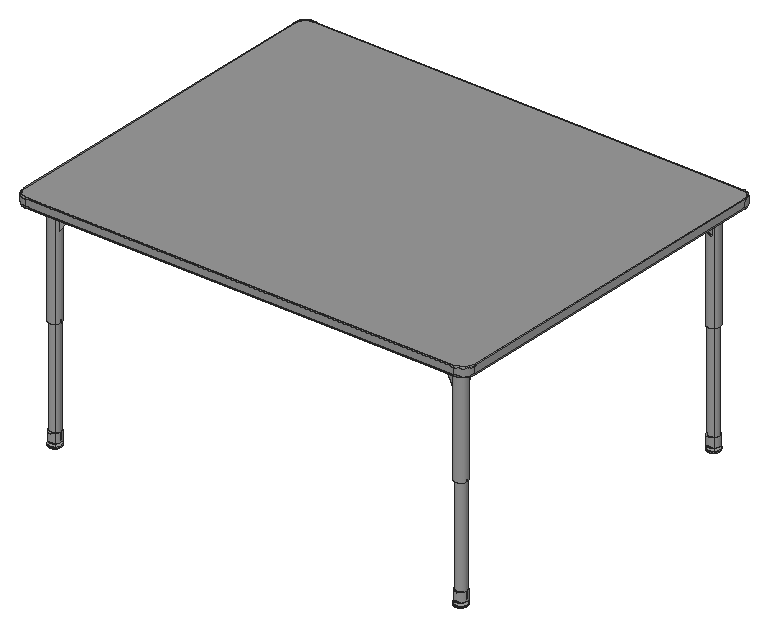
Revit family "Hierarchy Activity 60x48 Rectangle Table", category Furniture, Revit 2018
Family settings
  Work Plane-Based = No
  Always vertical = Yes
  Cut with Voids When Loaded = No
  Shared = No
  Room Calculation Point = No
Parameters
  Table Height = 2' - 5"
  Surface = Hierarchy Activity 60x48 Rectangle Table Surface
  Leg Finish = Hierarchy Leg Platinum
  Edgeband = Hierarchy Activity 60x48 Rectangle Table Edgeband
  Caster/Glide = Hierarchy Leg - Glide : Hierarchy Leg - Glide
Reference planes (in)
  plane 1 "Center (Front/Back)": y = 0
  plane 2: z = 0
  plane 3 "Center (Left/Right)": x = 0
  plane 4: z = 29
Dimensions and locks (in)
  "Table Height": plane 4 to level
  aligned and locked: plane 2 to level
  aligned and locked: nested 1 to plane 4
Nested families (in)
  nested 1: "Activity 60x48 Tabletop" at (0, 0, 5.075), type "Activity 60x48 Tabletop"
  nested 2: "Hierarchy Leg - Glide" at (-27, 21, 0) x (0.7071, 0.7071, 0) z (0, 0, 1), type <- "Caster/Glide", Leg Finish <- "Leg Finish", Leg Height <- "Table Height", type "Hierarchy Leg - Glide"
  nested 3: "Hierarchy Leg - Glide" at (-27, -21, 0) x (-0.7071, 0.7071, 0) z (0, 0, 1), type <- "Caster/Glide", Leg Finish <- "Leg Finish", Leg Height <- "Table Height", type "Hierarchy Leg - Glide"
  nested 4: "Hierarchy Leg - Glide" at (27, -21, 0) x (-0.7071, -0.7071, 0) z (0, 0, 1), Leg Finish <- "Leg Finish", Leg Height <- "Table Height", type "Hierarchy Leg - Glide"
    with Leg Height 2' - 5", Leg Finish Hierarchy Leg Platinum
  nested 5: "Hierarchy Leg - Glide" at (27, 21, 0) x (0.7071, -0.7071, 0) z (0, 0, 1), Leg Finish <- "Leg Finish", Leg Height <- "Table Height", type "Hierarchy Leg - Glide"
    with Leg Height 2' - 5", Leg Finish Hierarchy Leg Platinum
Definition of nested family "Activity 60x48 Tabletop"
  Parameters (values of type "Activity 60x48 Tabletop")
    Surface = none
    Edgeband = none
  Reference planes (in)
    plane 1 "Center (Front/Back)": y = 0
    plane 2: z = 0
    plane 3 "Center (Left/Right)": x = 0
  Forms (in)
    Extrusion 1, solid, material <- "Surface"
      sketch origin (0, 0, 0) x (1, 0, 0) y (0, 1, 0)
        loop
          line (28.5, 23.88189) -> (-28.5, 23.88189)
          arc (-28.5, 23.88189) -> (-29.47714, 23.47714) -> (-29.88189, 22.5) r 1.38189
          line (-29.88189, 22.5) -> (-29.88189, -22.5)
          arc (-29.88189, -22.5) -> (-29.47714, -23.47714) -> (-28.5, -23.88189) r 1.38189
          line (-28.5, -23.88189) -> (28.5, -23.88189)
          arc (28.5, -23.88189) -> (29.47714, -23.47714) -> (29.88189, -22.5) r 1.38189
          line (29.88189, -22.5) -> (29.88189, 22.5)
          arc (29.88189, 22.5) -> (29.47714, 23.47714) -> (28.5, 23.88189) r 1.38189
      from 23.925 to 25.125
    Sweep 2, solid, material <- "Edgeband"
      path origin (0, 0, 0) x (1, 0, 0) y (0, 1, 0)
        loop
          line (28.5, 23.88189) -> (-28.5, 23.88189)
          arc (-28.5, 23.88189) -> (-29.47714, 23.47714) -> (-29.88189, 22.5) r 1.38189
          line (-29.88189, 22.5) -> (-29.88189, -22.5)
          arc (-29.88189, -22.5) -> (-29.47714, -23.47714) -> (-28.5, -23.88189) r 1.38189
          line (-28.5, -23.88189) -> (28.5, -23.88189)
          arc (28.5, -23.88189) -> (29.47714, -23.47714) -> (29.88189, -22.5) r 1.38189
          line (29.88189, -22.5) -> (29.88189, 22.5)
          arc (29.88189, 22.5) -> (29.47714, 23.47714) -> (28.5, 23.88189) r 1.38189
      profile origin (0, 23.88189, 0) x (0, -1, 0) y (0, 0, 1)
        loop
          arc (0, 25.125) -> (-0.08352, 25.09041) -> (-0.11811, 25.00689) r 0.11811
          line (-0.11811, 25.00689) -> (-0.11811, 24.04311)
          arc (-0.11811, 24.04311) -> (-0.08352, 23.95959) -> (0, 23.925) r 0.11811
          line (0, 23.925) -> (0, 25.125)
  Dimensions and locks (in)
    aligned and locked: plane 2 to level
Definition of nested family "Hierarchy Leg - Glide"
  Parameters (values of type "Hierarchy Leg - Glide")
    Leg Finish [instance] = none
    Leg Height [instance] = 2' - 5"
  Reference planes (in)
    plane 1 "Center (Front/Back)": y = 0
    plane 2: z = 0
    plane 3 "Center (Left/Right)": x = 0
  Forms (in)
    Extrusion 1, solid
      sketch origin (-0.01562, 0, 0) x (1, 0, 0) y (0, 1, 0)
        loop
          circle (0.01563, 0) r 0.67016
      from 0.67618 to 16.17618
    Revolve 2, solid
      sketch origin (0, 0, 0) x (1, 0, 0) y (0, 0, 1)
        loop
          line (-0.73189, 1.80118) -> (-0.79439, 1.73867) -> (-0.79439, 0.61381) -> (-0.73176, 0.55118) -> (-0.125, 0.55118) -> (-0.125, 0.42618) -> (-0.84656, 0.16241) -> (-0.84656, 0.08994) -> (-0.81359, 0) -> (0, 0) -> (0, 1.80118) -> (-0.73189, 1.80118)
        axis (0, 1.80118) -> (0, 0)
      angle from 0 to 360
  Dimensions and locks (in)
    "Leg Height": nested 1 to level
    aligned and locked: plane 2 to level
  Automatic sketch dimensions
    plane 1 "Center (Front/Back)" to Extrusion 1 sketch curve = 0' - 0"
    Extrusion 1 sketch curve to plane 3 "Center (Left/Right)" = 0' - 0"
    Revolve 2 sketch curve to level = 0' - 0"
    Revolve 2 sketch curve to plane 3 "Center (Left/Right)" = 0' - 0"  (x2)
    Revolve 2 sketch curve to plane 3 "Center (Left/Right)" = 0' - 0 1/8"
    Revolve 2 sketch curve to Revolve 2 sketch curve = 0' - 0.60676"
    Revolve 2 sketch curve to Revolve 2 sketch curve = 0' - 0.73189"
    Revolve 2 sketch curve to Revolve 2 sketch curve = 0' - 0.06263"  (x2)
    Revolve 2 sketch curve to Revolve 2 sketch curve = 0' - 0.08183"
    Revolve 2 sketch curve to Revolve 2 sketch curve = 0' - 0.03297"
    level to Revolve 2 sketch curve = 0' - 0.08994"
    Revolve 2 sketch curve to Revolve 2 sketch curve = 0' - 0.07247"
    level to Revolve 2 sketch curve = 0' - 0.42618"
    Revolve 2 sketch curve to Revolve 2 sketch curve = 0' - 0 1/8"
    Revolve 2 sketch curve to Revolve 2 sketch curve = 0' - 1.12486"
    Revolve 2 sketch curve to Revolve 2 sketch curve = 0' - 0 1/16"
    Revolve 2 sketch curve to level = 2' - 0"
    Revolve 2 sketch curve to Revolve 2 sketch curve = 8' - 4.91764"
    radius of Extrusion 1 sketch curve = 0' - 0.67016"
  Nested families (in)
    nested 1: "Hierarchy Upper Leg 2023" at (0, 0, 1.19783), Shapes Leg Finish <- "Leg Finish", type "Hierarchy Upper Leg 2023"
      with Shapes Leg Finish none
  Definition of nested family "Hierarchy Upper Leg 2023"
    Parameters (values of type "Hierarchy Upper Leg 2023")
      Shapes Leg Finish [instance] = none
    Reference planes (in)
      plane 1 "Center (Front/Back)": y = 0
      plane 2: z = 0
      plane 3 "Center (Left/Right)": x = 0
    Forms (in)
      Extrusion 1, solid, material <- "Shapes Leg Finish"
        sketch origin (0, 0, 0) x (1, 0, 0) y (0, 1, 0)
          loop
            circle (0, 0) r 0.84802
        from 13.67618 to 27.67618
      Extrusion 2, solid, material <- "Shapes Leg Finish"
        sketch origin (0, 0, 0) x (1, 0, 0) y (0, 1, 0)
          loop
            line (-1.70174, 0.19183) -> (-2.88626, -2.26116)
            arc (-2.88626, -2.26116) -> (-2.83993, -3.09822) -> (-2.1063, -3.50394) r 0.86614
            line (-2.1063, -3.50394) -> (2.1063, -3.50394)
            arc (2.1063, -3.50394) -> (2.83993, -3.09822) -> (2.88626, -2.26116) r 0.86614
            line (2.88626, -2.26116) -> (1.70174, 0.19183)
            arc (1.70174, 0.19183) -> (0, 1.25984) -> (-1.70174, 0.19183) r 1.88976
        from 27.67618 to 27.80217
      Extrusion 3, solid, material <- "Shapes Leg Finish"
        sketch origin (-1.48519, 8.66524, 0) x (-0.434844, 0.900506, 0) y (0, 0, 1)
          loop
            line (-9.01425, 27.67618) -> (-11.80952, 27.67618)
            arc (-11.80952, 27.67618) -> (-11.92325, 27.58993) -> (-11.87088, 27.45715) r 0.11811
            arc (-11.87088, 27.45715) -> (-10.39364, 26.29679) -> (-9.23328, 24.81955) r 7.87402
            arc (-9.23328, 24.81955) -> (-9.1005, 24.76717) -> (-9.01425, 24.88091) r 0.11811
            line (-9.01425, 24.88091) -> (-9.01425, 27.67618)
        from -1.94075 to -1.81476
      Extrusion 4, solid, material <- "Shapes Leg Finish"
        sketch origin (1.48519, 8.66524, 0) x (0.434844, 0.900506, 0) y (0, 0, -1)
          loop
            line (-9.01425, -27.67618) -> (-9.01425, -24.88091)
            arc (-9.01425, -24.88091) -> (-9.1005, -24.76717) -> (-9.23328, -24.81955) r 0.11811
            arc (-9.23328, -24.81955) -> (-10.39364, -26.29679) -> (-11.87088, -27.45715) r 7.87402
            arc (-11.87088, -27.45715) -> (-11.92325, -27.58993) -> (-11.80952, -27.67618) r 0.11811
            line (-11.80952, -27.67618) -> (-9.01425, -27.67618)
        from -1.94075 to -1.81476
    Dimensions and locks (in)
      aligned and locked: plane 2 to level
